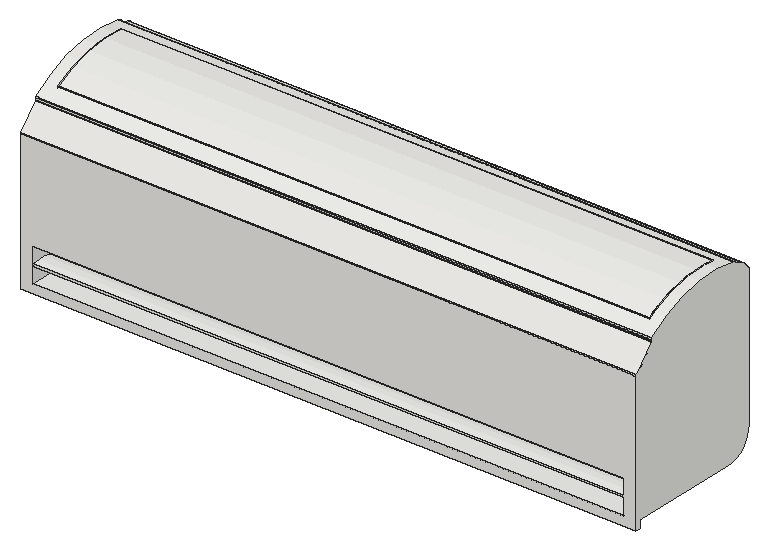
Revit family "ELiS C-W-100-bílá", category Mechanical Equipment, host Face, Revit 2018
Family settings
  Host = Face
  Round Connector Dimension = Use Diameter
  Part Type = Normal
  Cut with Voids When Loaded = No
  Shared = No
  Room Calculation Point = No
Parameters (values of type "ELiS C-W-100")
  Weight of unit = 19.00 kg
  Water stream flow in the heat exchanger = 0 L/s
  Water pressure drop in the heat exchanger = 0 kPa
  URL = "www.hydronic.cz"
  Type Comments = "vnitřní instalace, neprašné prostředí; IP21; max dosah 3m na 3 rychlost"
  Second Material = FLOWAIR-PerforatedSteel-White
  Product code = "14287; bílá, délka 100cm, teplovodní; PN16; tmax=95°C"
  Power supply voltage = 230 V
  Power ratio = 0.94
  Outlet water temperature (Tw2) = 0 °C
  Outlet air temperature (Tp2) = 0 °C
  Max. current consumption = 0.65 A
  Manufacturer = "Hydronic Systems Prague s.r.o."
  Main Material = FLOWAIR-Steel-White
  Load classification = Motor
  Length = 1000.00 mm  # constant formula
  Inlet water temperature (Tw1) = 0 °C
  Inlet air temperature (Tp1) = 0 °C
  Heating capacity = 0 kW
  Fan = "Single phase motor with diagonal rotor"
  Description = "Dveřní clona"
  Model = "ELiS C-W-100"
  IP = "21"
  Default Elevation = 2200.00 mm
  Connection = 3/4"
  Author = ""
  Apparent power = Power supply voltage * Max. current consumption  # 149.5 VA
  Air flow = 0 m³/h
Reference planes
  plane 1 "Środek (Przód/Tył)": y = 0
  plane 2: z = 0
  plane 3 "Środek (Lewa/Prawa)": x = 0
Dimensions and locks
  aligned and locked: plane 2 to host face
  aligned and locked: level to host face
  aligned and locked: plane 3 "Środek (Lewa/Prawa)" to nested 1
  aligned and locked: plane 1 "Środek (Przód/Tył)" to nested 1
Nested families
  nested 1: "ELiS C-W" at (0, 0, 0), type "ELiS C-W"
Connectors
  piping at (454, 227.682, 166.954), diameter 19.05, driven by "Connection", driven by "Water stream flow in the heat exchanger", driven by "Water pressure drop in the heat exchanger"
    settings: on nested 1, index 7, connector inside diameter 24", connector length 0.00 mm, flow factor 0, pipe flow 0 L/s, pressure drop 0 kPa, fitting loss kfactor 0, connector angle 0.00°, fixture units 0, engagement length 0.00 mm, angle of deflection 0.00°, flow configuration 1, flow direction 2, fitting loss method 4, system type 8, joint type 0, gender type 0, connector reference index -1, connector utility 0, adjustable connector no, is connector primary yes, connector description ""
  piping at (454, 227.682, 242.954), diameter 19.05, driven by "Connection", driven by "Water stream flow in the heat exchanger", driven by "Water pressure drop in the heat exchanger"
    settings: on nested 1, index 8, connector inside diameter 24", connector length 0.00 mm, flow factor 0, pipe flow 0 L/s, pressure drop 0 kPa, fitting loss kfactor 0, connector angle 0.00°, fixture units 0, engagement length 0.00 mm, angle of deflection 0.00°, flow configuration 1, flow direction 1, fitting loss method 4, system type 7, joint type 0, gender type 0, connector reference index -1, connector utility 0, adjustable connector no, is connector primary no, connector description ""
  electrical at (0, 235.182, 54.049), driven by "Power supply voltage", driven by "Apparent power", driven by "Power ratio", driven by "Load classification"
    settings: on nested 1, index 9, voltage 230 V, apparent load 149.5 VA, apparent load phase1 0 VA, apparent load phase2 0 VA, apparent load phase3 0 VA, power factor 0.94, load classification "Motor", number of poles 1, system type 30, power factor state 1, is connector primary yes, connector utility no, sub classification motor no, connector description ""
  electrical at (-59, 235.182, 85.024)
    settings: on nested 1, index 10, voltage 0 V, apparent load 0 VA, apparent load phase1 0 VA, apparent load phase2 0 VA, apparent load phase3 0 VA, power factor 1, load classification "Motor", number of poles 1, system type 13, power factor state 1, is connector primary no, connector utility no, sub classification motor no, connector description "TS regulator"
  electrical at (59, 235.182, 85.024)
    settings: on nested 1, index 11, voltage 0 V, apparent load 0 VA, apparent load phase1 0 VA, apparent load phase2 0 VA, apparent load phase3 0 VA, power factor 1, load classification "Motor", number of poles 1, system type 13, power factor state 1, is connector primary no, connector utility no, sub classification motor no, connector description "Limit switches"
Definition of nested family "ELiS C-W"
  Parameters
    materiał perforacja = none
    materiał = none
    długość = 1000.00 mm
  Reference planes
    plane 1 "Środek (Przód/Tył)": y = 0
    plane 2: z = 0
    plane 3 "Środek (Lewa/Prawa)": x = 0
    plane 4: x = -500
    plane 5: x = 500
    plane 6: x = -480
    plane 7: x = 480
    plane 8: x = 250
    plane 9: x = -250
  Forms (mm)
    Extrusion 1, solid, material <- "materiał", detail levels medium
      sketch origin (0, 300, 0) x (0, 1, 0) y (0, 0, 1)
        loop
          line (-72.756, 283.564) -> (-81.693, 294.358)
          arc (-81.693, 294.358) -> (-82.051, 294.684) -> (-82.482, 294.903) r 1.8
          line (-82.482, 294.903) -> (-98.157, 300.357)
          arc (-98.157, 300.357) -> (-98.505, 300.566) -> (-98.742, 300.895) r 1
          line (-98.742, 300.895) -> (-99.846, 303.375)
          arc (-99.846, 303.375) -> (-100.355, 304.039) -> (-101.109, 304.402) r 1.8
          arc (-101.109, 304.402) -> (-188.803, 303.806) -> (-267.88, 265.892) r 200.8
          arc (-267.88, 265.892) -> (-268.406, 265.22) -> (-268.563, 264.381) r 1.8
          line (-268.563, 264.381) -> (-268.42, 261.651)
          arc (-268.42, 261.651) -> (-268.477, 261.263) -> (-268.678, 260.927) r 1
          line (-268.678, 260.927) -> (-299.538, 226.654)
          arc (-299.538, 226.654) -> (-299.88, 226.094) -> (-300, 225.449) r 1.8
          line (-300, 225.449) -> (-300, 0) -> (-292.2, 0) -> (-292.2, 13.085) -> (-113.282, 13.085)
          arc (-113.282, 13.085) -> (-84.316, 25.083) -> (-72.318, 54.049) r 40.964
          line (-72.318, 54.049) -> (-72.318, 282.336)
          arc (-72.318, 282.336) -> (-72.431, 282.988) -> (-72.756, 283.564) r 1.943
      from -500 to 500
    Extrusion 2, solid, material <- "materiał", detail levels coarse
      sketch origin (0, 0, 0) x (0, 1, 0) y (0, 0, 1)
        loop
          arc (227.682, 295.867) -> (103.817, 301.954) -> (0, 234.12) r 200.8
          line (0, 234.12) -> (0, 0) -> (227.682, 0) -> (227.682, 295.867)
      from -500 to 500
    Extrusion 3, solid, material <- "materiał", detail levels fine
      sketch origin (0, 0, 0) x (0, 1, 0) y (0, 0, 1)
        loop
          line (227.244, 283.564) -> (218.307, 294.358)
          arc (218.307, 294.358) -> (217.949, 294.684) -> (217.518, 294.903) r 1.8
          line (217.518, 294.903) -> (201.843, 300.357)
          arc (201.843, 300.357) -> (201.495, 300.566) -> (201.258, 300.895) r 1
          line (201.258, 300.895) -> (200.154, 303.375)
          arc (200.154, 303.375) -> (199.645, 304.039) -> (198.891, 304.402) r 1.8
          arc (198.891, 304.402) -> (111.197, 303.806) -> (32.12, 265.892) r 200.8
          arc (32.12, 265.892) -> (31.594, 265.22) -> (31.437, 264.381) r 1.8
          line (31.437, 264.381) -> (31.58, 261.651)
          arc (31.58, 261.651) -> (31.523, 261.263) -> (31.322, 260.927) r 1
          line (31.322, 260.927) -> (0.462, 226.654)
          arc (0.462, 226.654) -> (0.12, 226.094) -> (0, 225.449) r 1.8
          line (0, 225.449) -> (0, 0) -> (7.8, 0) -> (7.8, 13.085) -> (186.718, 13.085)
          arc (186.718, 13.085) -> (215.684, 25.083) -> (227.682, 54.049) r 40.964
          line (227.682, 54.049) -> (227.682, 282.336)
          arc (227.682, 282.336) -> (227.569, 282.988) -> (227.244, 283.564) r 1.943
      from -500 to 500
    Extrusion 4, void
      sketch origin (0, 0, 0) x (0, 1, 0) y (0, 0, 1)
        loop
          line (52, 337.939) -> (52, 227.939) -> (180, 227.939) -> (180, 337.939) -> (52, 337.939)
      from -480 to 480
    Extrusion 5, solid, material <- "materiał perforacja", detail levels fine
      sketch origin (0, 0, 0) x (0, 1, 0) y (0, 0, 1)
        loop
          arc (180, 307.56) -> (113.664, 304.359) -> (52, 279.696) r 200.8
          line (52, 279.696) -> (52, 277.35)
          arc (52, 277.35) -> (113.61, 302.3) -> (180, 305.546) r 198.8
          line (180, 305.546) -> (180, 307.56)
      from -480 to 480
    Extrusion 6, void
      sketch origin (0, 0, 0) x (0, 1, 0) y (0, 0, 1)
        loop
          line (0, 15.085) -> (50, 15.085) -> (50, 70.085) -> (0, 70.085) -> (0, 43.585)
          arc (0, 43.585) -> (17.5, 45.585) -> (35, 43.585) r 77.563
          line (35, 43.585) -> (35, 41.585)
          arc (35, 41.585) -> (17.5, 39.585) -> (0, 41.585) r 77.563
          line (0, 41.585) -> (0, 15.085)
      from -480 to 480
    Extrusion 7, solid, material <- "materiał"
      sketch origin (0, 0, 0) x (0, 1, 0) y (0, 0, 1)
        loop
          line (10, 0) -> (172, 0) -> (172, 13.085) -> (10, 13.085) -> (10, 0)
      from -250 to 250
    Extrusion 8, solid, material <- "materiał"
      sketch origin (0, 0, 0) x (0, 1, 0) y (0, 0, 1)
        loop
          line (227.682, 54.049) -> (242.682, 54.049) -> (242.682, 116) -> (227.682, 116) -> (227.682, 54.049)
      from -59 to 59
    Extrusion 9, solid, material <- "materiał"
      sketch origin (0, 0, 0) x (1, 0, 0) y (0, 0, 1)
        loop
          circle (454, 242.954) r 17
        loop
          circle (454, 166.954) r 17
      from -227.682 to -225
  Cuts and joins
    Extrusion 4, Extrusion 6 cuts Extrusion 3
  Dimensions and locks
    equal spacing: plane 4, plane 3 "Środek (Lewa/Prawa)", plane 5
    "długość": plane 4 to plane 5
    locked: plane 4 to plane 6 at 20
    locked: plane 7 to plane 5 at 20
    equal spacing: plane 4, plane 9, plane 3 "Środek (Lewa/Prawa)"
    equal spacing: plane 3 "Środek (Lewa/Prawa)", plane 8, plane 5
    locked: Extrusion 9 sketch curve to plane 5 at 46  (x2)
    aligned and locked: level to plane 2
    aligned and locked: Extrusion 2 to plane 4
    aligned and locked: Extrusion 1 to plane 4
    aligned and locked: Extrusion 2 to plane 5
    aligned and locked: Extrusion 1 to plane 5
    aligned and locked: Extrusion 3 to plane 4
    aligned and locked: Extrusion 3 to plane 5
    aligned and locked: Extrusion 4 to plane 6
    aligned and locked: Extrusion 4 to plane 7
    aligned and locked: Extrusion 5 to plane 6
    aligned and locked: Extrusion 5 to plane 7
    aligned and locked: Extrusion 6 to plane 7
    aligned and locked: Extrusion 6 to plane 6
    aligned and locked: plane 8 to Extrusion 7
    aligned and locked: plane 9 to Extrusion 7
  Automatic sketch dimensions
    Extrusion 1 sketch curve to level = 0.00 mm
    Extrusion 1 sketch curve to plane 1 "Środek (Przód/Tył)" = 0.00 mm
    Extrusion 1 sketch curve to Extrusion 1 sketch curve = 1.80 mm
    Extrusion 1 sketch curve to plane 1 "Środek (Przód/Tył)" = 7.80 mm
    Extrusion 1 sketch curve to plane 1 "Środek (Przód/Tył)" = 30.581 mm
    Extrusion 1 sketch curve to Extrusion 1 sketch curve = 0.742 mm
    Extrusion 1 sketch curve to Extrusion 1 sketch curve = 0.856 mm
    Extrusion 1 sketch curve to Extrusion 1 sketch curve = 1.797 mm
    Extrusion 1 sketch curve to plane 1 "Środek (Przód/Tył)" = 156.375 mm
    Extrusion 1 sketch curve to Extrusion 1 sketch curve = 30.343 mm
    Extrusion 1 sketch curve to Extrusion 1 sketch curve = 165.276 mm
    Extrusion 1 sketch curve to Extrusion 1 sketch curve = 3.662 mm
    Extrusion 1 sketch curve to Extrusion 1 sketch curve = 14.754 mm
    Extrusion 1 sketch curve to Extrusion 1 sketch curve = 1.38 mm
    Extrusion 1 sketch curve to Extrusion 1 sketch curve = 8.812 mm
    Extrusion 1 sketch curve to Extrusion 1 sketch curve = 1.505 mm
    Extrusion 1 sketch curve to Extrusion 1 sketch curve = 40.964 mm
    Extrusion 1 sketch curve to Extrusion 1 sketch curve = 13.085 mm
    Extrusion 1 sketch curve to Extrusion 1 sketch curve = 54.106 mm
    Extrusion 1 sketch curve to Extrusion 1 sketch curve = 117.295 mm
    Extrusion 1 sketch curve to Extrusion 1 sketch curve = 35.478 mm
    Extrusion 1 sketch curve to Extrusion 1 sketch curve = 0.671 mm
    Extrusion 1 sketch curve to Extrusion 1 sketch curve = 2.783 mm
    Extrusion 1 sketch curve to Extrusion 1 sketch curve = 0.097 mm
    Extrusion 1 sketch curve to Extrusion 1 sketch curve = 174.181 mm
    Extrusion 1 sketch curve to Extrusion 1 sketch curve = 10.867 mm
    Extrusion 1 sketch curve to Extrusion 1 sketch curve = 1.155 mm
    Extrusion 1 sketch curve to Extrusion 1 sketch curve = 8.099 mm
    Extrusion 1 sketch curve to Extrusion 1 sketch curve = 1.341 mm
    Extrusion 1 sketch curve to plane 1 "Środek (Przód/Tył)" = 0.462 mm
    Extrusion 1 sketch curve to Extrusion 1 sketch curve = 0.00 mm  (x14)
    Extrusion 1 sketch curve to Extrusion 1 sketch curve = 0.257 mm
    Extrusion 1 sketch curve to Extrusion 1 sketch curve = 1.263 mm
    Extrusion 1 sketch curve to Extrusion 1 sketch curve = 0.914 mm
    Extrusion 1 sketch curve to Extrusion 1 sketch curve = 0.585 mm
    Extrusion 1 sketch curve to Extrusion 1 sketch curve = 0.789 mm
    Extrusion 1 sketch curve to Extrusion 1 sketch curve = 0.944 mm
    Extrusion 2 sketch curve to level = 0.00 mm
    Extrusion 2 sketch curve to Extrusion 2 sketch curve = 71.306 mm
    Extrusion 2 sketch curve to Extrusion 2 sketch curve = 108.154 mm
    Extrusion 2 sketch curve to plane 1 "Środek (Przód/Tył)" = 0.00 mm
    Extrusion 2 sketch curve to Extrusion 2 sketch curve = 125.966 mm
    Extrusion 2 sketch curve to plane 1 "Środek (Przód/Tył)" = 156.375 mm
    plane 1 "Środek (Przód/Tył)" to Extrusion 3 sketch curve = 0.00 mm
    Extrusion 3 sketch curve to Extrusion 3 sketch curve = 1.80 mm
    Extrusion 3 sketch curve to Extrusion 3 sketch curve = 7.80 mm
    Extrusion 3 sketch curve to Extrusion 3 sketch curve = 28.781 mm
    Extrusion 3 sketch curve to Extrusion 3 sketch curve = 0.742 mm
    Extrusion 3 sketch curve to Extrusion 3 sketch curve = 0.856 mm
    Extrusion 3 sketch curve to Extrusion 3 sketch curve = 1.797 mm
    Extrusion 3 sketch curve to Extrusion 3 sketch curve = 148.575 mm
    Extrusion 3 sketch curve to Extrusion 3 sketch curve = 30.343 mm
    Extrusion 3 sketch curve to Extrusion 3 sketch curve = 165.276 mm
    Extrusion 3 sketch curve to Extrusion 3 sketch curve = 3.662 mm
    Extrusion 3 sketch curve to Extrusion 3 sketch curve = 14.754 mm
    Extrusion 3 sketch curve to Extrusion 3 sketch curve = 1.38 mm
    Extrusion 3 sketch curve to Extrusion 3 sketch curve = 8.812 mm
    Extrusion 3 sketch curve to Extrusion 3 sketch curve = 1.505 mm
    Extrusion 3 sketch curve to Extrusion 3 sketch curve = 40.964 mm
    level to Extrusion 3 sketch curve = 0.00 mm
    Extrusion 3 sketch curve to Extrusion 3 sketch curve = 13.085 mm
    Extrusion 3 sketch curve to Extrusion 3 sketch curve = 54.106 mm
    Extrusion 3 sketch curve to Extrusion 3 sketch curve = 117.295 mm
    Extrusion 3 sketch curve to Extrusion 3 sketch curve = 35.478 mm
    Extrusion 3 sketch curve to Extrusion 3 sketch curve = 0.671 mm
    Extrusion 3 sketch curve to Extrusion 3 sketch curve = 2.783 mm
    Extrusion 3 sketch curve to Extrusion 3 sketch curve = 0.097 mm
    Extrusion 3 sketch curve to Extrusion 3 sketch curve = 174.181 mm
    Extrusion 3 sketch curve to Extrusion 3 sketch curve = 10.867 mm
    Extrusion 3 sketch curve to Extrusion 3 sketch curve = 1.155 mm
    Extrusion 3 sketch curve to Extrusion 3 sketch curve = 8.099 mm
    Extrusion 3 sketch curve to Extrusion 3 sketch curve = 1.341 mm
    Extrusion 3 sketch curve to Extrusion 3 sketch curve = 0.462 mm
    Extrusion 3 sketch curve to Extrusion 3 sketch curve = 0.00 mm  (x14)
    Extrusion 3 sketch curve to Extrusion 3 sketch curve = 0.257 mm
    Extrusion 3 sketch curve to Extrusion 3 sketch curve = 1.263 mm
    Extrusion 3 sketch curve to Extrusion 3 sketch curve = 0.914 mm
    Extrusion 3 sketch curve to Extrusion 3 sketch curve = 0.585 mm
    Extrusion 3 sketch curve to Extrusion 3 sketch curve = 0.789 mm
    Extrusion 3 sketch curve to Extrusion 3 sketch curve = 0.944 mm
    Extrusion 4 sketch curve to Extrusion 4 sketch curve = 128.00 mm
    level to Extrusion 4 sketch curve = 227.939 mm
    Extrusion 4 sketch curve to Extrusion 4 sketch curve = 110.00 mm
    Extrusion 4 sketch curve to plane 1 "Środek (Przód/Tył)" = 52.00 mm
    Extrusion 5 sketch curve to plane 1 "Środek (Przód/Tył)" = 156.375 mm
    level to Extrusion 5 sketch curve = 108.154 mm
    Extrusion 5 sketch curve to plane 1 "Środek (Przód/Tył)" = 52.00 mm
    Extrusion 5 sketch curve to Extrusion 5 sketch curve = 23.625 mm
    Extrusion 5 sketch curve to Extrusion 5 sketch curve = 25.85 mm
    Extrusion 5 sketch curve to Extrusion 5 sketch curve = 2.346 mm
    Extrusion 5 sketch curve to Extrusion 5 sketch curve = 0.00 mm  (x2)
    Extrusion 7 sketch curve to level = 0.00 mm
    Extrusion 7 sketch curve to plane 1 "Środek (Przód/Tył)" = 10.00 mm
    Extrusion 7 sketch curve to Extrusion 7 sketch curve = 162.00 mm
    level to Extrusion 7 sketch curve = 13.085 mm
    Extrusion 8 sketch curve to plane 1 "Środek (Przód/Tył)" = 227.682 mm
    level to Extrusion 8 sketch curve = 116.00 mm
    level to Extrusion 8 sketch curve = 54.049 mm
    Extrusion 8 sketch curve to Extrusion 8 sketch curve = 15.00 mm
    level to Extrusion 9 sketch curve = 166.954 mm
    Extrusion 9 sketch curve to Extrusion 9 sketch curve = 76.00 mm
    Extrusion 6 sketch curve to plane 1 "Środek (Przód/Tył)" = 0.00 mm  (x2)
    Extrusion 6 sketch curve to plane 1 "Środek (Przód/Tył)" = 17.50 mm  (x2)
    Extrusion 6 sketch curve to Extrusion 6 sketch curve = 35.00 mm
    Extrusion 6 sketch curve to Extrusion 6 sketch curve = 15.00 mm
    Extrusion 6 sketch curve to level = 31.977 mm
    level to Extrusion 6 sketch curve = 15.085 mm
    Extrusion 6 sketch curve to Extrusion 6 sketch curve = 26.50 mm  (x2)
    Extrusion 6 sketch curve to Extrusion 6 sketch curve = 2.00 mm
    Extrusion 6 sketch curve to Extrusion 6 sketch curve = 47.063 mm
    radius of Extrusion 9 sketch curve = 17.00 mm  (x2)
